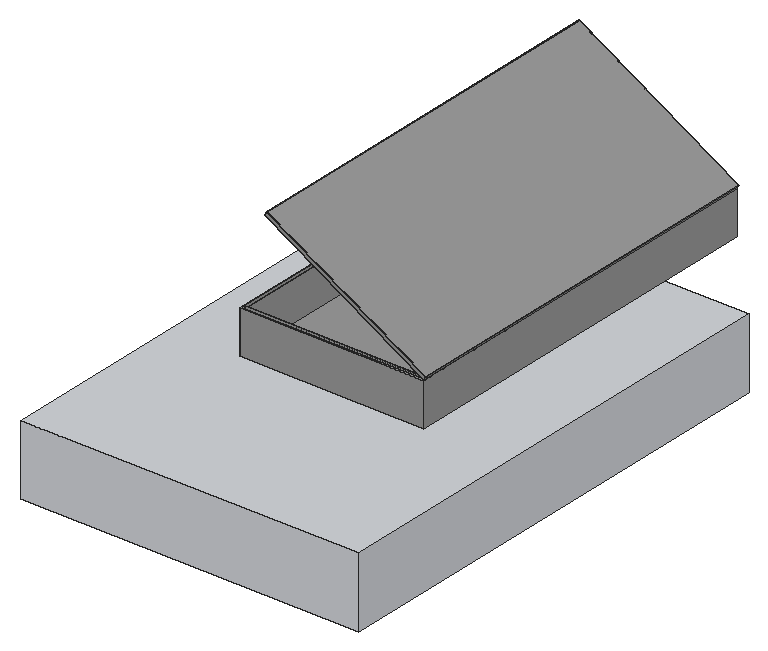
Revit family "Hager-Univers-IP44-D205-H1700-Cl.II-Encl-ES-es", category Equipement électrique, Revit 2020
Family settings
  Hôte = Face
  Configuration du panneau = Deux colonnes, circuits au sein
  Cote de connecteur circulaire = Utiliser le diamètre
  Type d'élément = Tableau de raccordement
  Couper avec des vides une fois chargée = Non
  Partagée = Non
  Point de calcul de pièce = Non
Parameters (values of type "Montado superficial (escayola) IP44 A800 A1700 P205  - FP13SN2")
  Width Control [instance] = if([EF000008 - Anchura] > Min Width, [EF000008 - Anchura], Min Width)  # 800 mm
  Commentaires du type = [HG000003 - Gama]  # "Univers"
  Thickness Door [instance] = if([EF009171 - Espesor puerta/tapa] > 3 mm, 3 mm, [EF009171 - Espesor puerta/tapa])  # 1 mm
  Seal Frame Offset [instance] = 17 mm  # constant formula
  Plinth Visibility [instance] = [HG000027 - Altura de zócalo] > 0 mm  # no
  Model = ""
  Min Width [instance] = 100 mm  # constant formula
  Min Height [instance] = 100 mm  # constant formula
  Min Depth [instance] = (2 * [EF009170 - Espesor del material de la caja]) + 1 mm  # 3 mm
  Internal Frame Depth [instance] = (Door System Depth * 0.5)  # 9 mm
  Height Control [instance] = if([EF000040 - Altura] > Min Height, [EF000040 - Altura], Min Height)  # 1700 mm
  HG000027 - Altura de zócalo = 0 mm
  HG000026 - Instalación en suelo = no
  HG000024 - Altura de la sección inferior = 800 mm
  HG000023 - Caja de doble sección = no
  HG000016 - Visibilidad de la puerta 3D [instance] = yes
  HG000015 - Visibilidad a través de la puerta [instance] = no
  HG000014 - Puerta a la derecha [instance] = yes
  HG000013 - Puerta a la izquierda [instance] = not([HG000014 - Puerta a la derecha])  # no
  HG000012 - Ángulo de giro de la puerta [instance] = 30.00°
  HG000010 - Puertas asimétricas = no
  HG000009 - Puerta batiente doble = no
  HG000006 - Empotrado = no
  HG000004 - Referencia del fabricante = "FP13SN2"
  HG000003 - Gama = "Univers"
  HG000002 - Con puerta o tapa = yes
  Frame Offset Bottom [instance] = 10 mm  # constant formula
  Frame Offset [instance] = 15 mm  # constant formula
  EF015940 - Tapa con alivio de sobrepresión = no
  EF011959 - Grado de protección (NEMA) = ""
  EF009554 - Número de aberturas para placas-brida = 6
  Fabricant = "Hager"  # constant formula
  EF009212 - Versión de la cubierta = "EV000116 - Cerrado"
  EF009171 - Espesor puerta/tapa = 1 mm
  EF009170 - Espesor del material de la caja = 1 mm
  EF008873 - Corriente nominal (In) = 400 A
  EF007800 - Adecuado para la protección contra rayos = no
  EF006306 - Con cierre = no
  EF006244 - Tapa/puerta transparente = no
  EF005474 - Grado de protección (IP) = "EV006418 - IP44"
  EF004464 - Tipo de puerta = "EV002646 - Único"
  EF004427 - Número de módulos = 396
  EF004293 - Resistencia al impacto (IK) = "EV006815 - IK09"
  EF003532 - Adecuado para uso en exteriores = no
  EF002950 - Anchura de unidades de división = 36
  EF001613 - Integridad del circuito = "EV000494 - Ninguno"
  EF001596 - Material de la carcasa = "EV000179 - Acero"
  EF001131 - Profundidad interna = 143 mm
  EF001088 - Posibilidad de extensión = yes
  EF000437 - Número de entradas de conductos de cables = 6
  EF000339 - Tipo de cubierta = "EV001012 - Cubrir"
  EF000266 - Número de filas = 11
  EF000218 - Profundidad de instalación = 205 mm
  EF000118 - Con placa de montaje = no
  EF000116 - Número RAL = "9010"
  EF000049 - Profundidad = 205 mm
  EF000040 - Altura = 1700 mm
  EF000008 - Anchura = 800 mm
  EF000007 - Color = "EV000202 - Blanco"
  EF000003 - Tipo de montaje = "EV000384 - Montado superficial (escayola)"
  Door System Leaf Tolerance [instance] = 1.5 mm  # constant formula
  Door System Depth [instance] = 18 mm  # constant formula
  Door Height [instance] = Height Control - [HG000027 - Altura de zócalo]  # 1700 mm
  Depth Control [instance] = if([EF000049 - Profundidad] > Min Depth, [EF000049 - Profundidad], Min Depth)  # 205 mm
  Default Elevation = 0 mm
  Connector Offset [instance] = Height Control / 2  # 850 mm
  Bottom Top Plate Trim [instance] = 1.5 mm  # constant formula
  Plinth height Ctrl [instance] = if([HG000027 - Altura de zócalo] > 0 mm, [HG000027 - Altura de zócalo], 12 mm)  # 12 mm
Types (5, lengths in mm): name | Width Control | HG000010 - Puertas asimétricas | HG000009 - Puerta batiente doble | HG000004 - Referencia del fabricante | EF009554 - Número de aberturas para placas-brida | EF008873 - Corriente nominal (In) | EF004464 - Tipo de puerta | EF004427 - Número de módulos | EF002950 - Anchura de unidades de división | EF000437 - Número de entradas de conductos de cables | EF000008 - Anchura
  Montado superficial (escayola) IP44 A1050 A1700 P205  - FP14SN2 | 1050 | no | yes | "FP14SN2" | 8 | 400 A | "EV003602 - Doble" | 528 | 48 | 8 | 1050
  Montado superficial (escayola) IP44 A1300 A1700 P205  - FP15SN2 | 1300 | yes | yes | "FP15SN2" | 10 | 400 A | "EV003602 - Doble" | 660 | 60 | 10 | 1300
  Montado superficial (escayola) IP44 A300 A1700 P205  - FP11SN2 | 300 | no | no | "FP11SN2" | 2 | 250 A | "EV002646 - Único" | 132 | 12 | 2 | 300
  Montado superficial (escayola) IP44 A550 A1700 P205  - FP12SN2 | 550 | no | no | "FP12SN2" | 4 | 250 A | "EV002646 - Único" | 264 | 24 | 4 | 550
  Montado superficial (escayola) IP44 A800 A1700 P205  - FP13SN2 | 800 | no | no | "FP13SN2" | 6 | 400 A | "EV002646 - Único" | 396 | 36 | 6 | 800
Reference planes
  plane 1 "Center (Front/Back)": y = 0
  plane 2: z = 0
  plane 3 "Center (Left/Right)": x = 0
  plane 4: z = 205
  plane 5: y = 1
  plane 6: y = 850
  plane 7: y = 0
  plane 8: y = 1700
  plane 9: z = 0
  plane 10: x = -385
  plane 11: x = 385
  plane 12: x = 384
  plane 13: x = -384
  plane 14: y = 1699
  plane 15: x = -383
  plane 16: x = -400
  plane 17: x = 383
  plane 18: x = 400
  plane 19: x = 399
  plane 20: x = -399
  plane 21: y = 11
  plane 22: y = 1700
  plane 23: y = 1684
  plane 24: z = 187
  plane 25: z = 1
  plane 26: z = 186
  plane 27: z = 204
Forms (mm)
  Extrusion 1, solid
    sketch origin (0, 0, 0) x (1, 0, 0) y (0, 1, 0)
      loop
        line (-702.964, 1305) -> (-702.964, -811.445) -> (766.763, -811.445) -> (766.763, 1305) -> (-702.964, 1305)
    from 0 to -304.8
  Extrusion 2, solid, material "Hager_Steel_RAL7035_Light_Grey", visible <- "Plinth Visibility", detail levels medium+fine
    sketch origin (0, 0, 0) x (1, 0, 0) y (0, 1, 0)
      loop
        line (-400, 0) -> (400, 0) -> (400, 12) -> (-400, 12) -> (-400, 0)
    from 0 to 187
  Extrusion 3, solid, material "Hager_Steel_RAL7035_Light_Grey", detail levels medium+fine
    sketch origin (0, 0, 0) x (1, 0, 0) y (0, 1, 0)
      loop
        line (-400, 0) -> (400, 0) -> (400, 1700) -> (-400, 1700) -> (-400, 0)
    from 0 to 187
  Extrusion 4, void
    sketch origin (0, 0, 0) x (1, 0, 0) y (0, 1, 0)
      loop
        line (-399, 1) -> (399, 1) -> (399, 1699) -> (-399, 1699) -> (-399, 1)
    from 1 to 186
  Extrusion 5, void
    sketch origin (-381.607, -4572, 187) x (0, -1, 0) y (-1, 0, 0)
      loop
        line (-4583, 2.393) -> (-6256, 2.393) -> (-6256, -765.607) -> (-4583, -765.607) -> (-4583, 2.393)
    from 0 to 1 <- "EF009170 - Espesor del material de la caja"
  Extrusion 6, solid, material "Hager_Steel_RAL7035_Light_Grey", detail levels fine
    sketch origin (0, 0, 187) x (1, 0, 0) y (0, 1, 0)
      loop
        line (-384, 1684) -> (-384, 11) -> (384, 11) -> (384, 1684) -> (-384, 1684)
      loop
        line (-385, 10) -> (385, 10) -> (385, 1685) -> (-385, 1685) -> (-385, 10)
    from 0 to 9 <- "Internal Frame Depth"
  Extrusion 7, solid, material "Hager_Steel_RAL7035_Light_Grey", detail levels coarse
    sketch origin (0, 0, 0) x (1, 0, 0) y (0, 1, 0)
      loop
        line (-400, 0) -> (400, 0) -> (400, 1700) -> (-400, 1700) -> (-400, 0)
    from 0 to 205
  Sweep 8, void
    path in 3D
      loop
        line (-400, 12, 0) -> (400, 12, 0) -> (400, 12, 187) -> (-400, 12, 187) -> (-400, 12, 0)
    profile origin (-400, 12, 93.5) x (-1, 0, 0) y (0, -1, 0)
      loop
        line (0, 0) -> (0, 1.5) -> (-1.5, 1.5)
        arc (-1.5, 1.5) -> (-1.061, 0.439) -> (0, 0) r 1.5
Cuts and joins
  Extrusion 4, Extrusion 5 cuts Extrusion 3
  Sweep 8 cuts Extrusion 2
Lines and regions (mm)
  Masking region 1
    outline origin (0, 0, 0) x (1, 0, 0) y (0, 0, 1)
      loop
        line (-400, 205) -> (-400, 0) -> (400, 0) -> (400, 205) -> (-400, 205)
  Masking region 2, detail levels medium+fine
    outline origin (0, 140, 0) x (0, 1, 0) y (0, 0, 1)
      loop
        line (-140, 0) -> (1560, 0) -> (1560, 187) -> (-140, 187) -> (-140, 0)
  Masking region 3, not visible, detail levels medium+fine
    outline origin (0, 297.922, 0) x (0, 1, 0) y (0, 0, 1)
      loop
        line (563.578, 0) -> (603.578, 0) -> (603.578, 194)
        arc (603.578, 194) -> (600.649, 201.071) -> (593.578, 204) r 10
        line (593.578, 204) -> (563.578, 204) -> (563.578, 0)
  Masking region 4, detail levels coarse
    outline origin (0, 0, 180) x (0, 1, 0) y (0, 0, 1)
      loop
        line (0, -180) -> (1700, -180) -> (1700, 25) -> (0, 25) -> (0, -180)
  Masking region 5, visible <- "Plinth Visibility", detail levels medium+fine
    outline origin (0, 52.24, 12.345) x (0, 0, -1) y (0, 1, 0)
      loop
        line (10.845, -40.24) -> (-173.155, -40.24)
        arc (-173.155, -40.24) -> (-173.594, -41.301) -> (-174.655, -41.74) r 1.5
        line (-174.655, -41.74) -> (-174.655, -52.24) -> (12.345, -52.24) -> (12.345, -41.74)
        arc (12.345, -41.74) -> (11.285, -41.301) -> (10.845, -40.24) r 1.5
  Masking region 6, detail levels medium+fine
    outline origin (-381.607, -4572, 187) x (-1, 0, 0) y (0, -1, 0)
      loop
        line (18.393, -6272) -> (18.393, -4572) -> (-781.607, -4572) -> (-781.607, -6272) -> (18.393, -6272)
  Masking region 7, visible <- "Plinth Visibility", detail levels medium+fine
    outline origin (-381.607, -4727, 187) x (-1, 0, 0) y (0, -1, 0)
      loop
        arc (16.893, -4739) -> (17.332, -4737.939) -> (18.393, -4737.5) r 1.5
        line (18.393, -4737.5) -> (18.393, -4727) -> (-781.607, -4727) -> (-781.607, -4737.5)
        arc (-781.607, -4737.5) -> (-780.546, -4737.939) -> (-780.107, -4739) r 1.5
        line (-780.107, -4739) -> (16.893, -4739)
  Masking region 8, detail levels coarse
    outline origin (-442.548, -4669.526, 187) x (-1, 0, 0) y (0, -1, 0)
      loop
        line (-42.548, -6369.526) -> (-42.548, -4669.526) -> (-842.548, -4669.526) -> (-842.548, -6369.526) -> (-42.548, -6369.526)
  sketch lines
    curve 1: line (-400, 12, 187) -> (-400, 12, 0)
    curve 2: line (400, 12, 187) -> (-400, 12, 187)
    curve 3: line (400, 12, 187) -> (400, 12, 0)
    curve 4: line (-400, 12, 0) -> (400, 12, 0)
Dimensions and locks
  "Depth Control": plane 4 to Extrusion 1
  "HG000027 - Altura de zócalo": plane 1 "Center (Front/Back)" to plane 7
  "EF009170 - Espesor del material de la caja": plane 5 to plane 7
  locked: connector elem to plane 3 "Center (Left/Right)"
  equal spacing: plane 8, plane 6, plane 7
  locked: connector elem to plane 6
  "EF009170 - Espesor del material de la caja": plane 8 to plane 14
  "EF009170 - Espesor del material de la caja": plane 10 to plane 13
  "EF009170 - Espesor del material de la caja": plane 12 to plane 11
  "Frame Offset": plane 20 to plane 13
  "Frame Offset": plane 12 to plane 19
  "EF009170 - Espesor del material de la caja": plane 16 to plane 20
  "EF009170 - Espesor del material de la caja": plane 19 to plane 18
  "Seal Frame Offset": plane 16 to plane 15
  "Seal Frame Offset": plane 17 to plane 18
  "Frame Offset Bottom": plane 21 to plane 5
  "Frame Offset": plane 14 to plane 23
  equal spacing: plane 16, plane 3 "Center (Left/Right)", plane 18
  "Width Control": plane 16 to plane 18
  "EF009170 - Espesor del material de la caja": plane 4 to plane 27
  "EF009170 - Espesor del material de la caja": plane 24 to plane 26
  "EF009170 - Espesor del material de la caja": plane 25 to level
  "Door System Depth": plane 4 to plane 24
  "Height Control": plane 1 "Center (Front/Back)" to Extrusion 7 sketch curve
  "Height Control": Masking region 4 sketch curve to plane 1 "Center (Front/Back)"
  "Height Control": plane 1 "Center (Front/Back)" to plane 22
  "Bottom Top Plate Trim": profile plane to Sweep 8 sketch curve
  "Bottom Top Plate Trim": Sweep 8 sketch curve to profile plane
  "Plinth height Ctrl": plane 1 "Center (Front/Back)" to Extrusion 2 sketch curve
  "Plinth height Ctrl": Masking region 5 sketch curve to plane 1 "Center (Front/Back)"
  "Plinth height Ctrl": plane 1 "Center (Front/Back)" to Masking region 7 sketch curve
  "Thickness Door": Extrusion 6 sketch curve to Extrusion 6 sketch curve  (x3)
  "Thickness Door": cut or joined group of Extrusion 3, Extrusion 4, Extrusion 5 to Extrusion 6 sketch curve
  radius of Masking region 3 sketch curve = 10 mm
  "Bottom Top Plate Trim": radius of Masking region 5 sketch curve  (x2)
  "Bottom Top Plate Trim": radius of Sweep 8 sketch curve
  "Bottom Top Plate Trim": radius of Masking region 7 sketch curve  (x2)
  aligned and locked: plane 2 to Extrusion 1
  aligned and locked: level to Extrusion 1
  aligned and locked: level to Masking region 1 sketch curve
  aligned and locked: Masking region 1 sketch curve to plane 18
  aligned and locked: Masking region 1 sketch curve to plane 16
  aligned and locked: plane 7 to Masking region 2 sketch curve
  aligned and locked: level to Masking region 3 sketch curve
  aligned and locked: Masking region 3 sketch curve to plane 27
  aligned and locked: level to Masking region 2 sketch curve
  aligned and locked: plane 1 "Center (Front/Back)" to Extrusion 2 sketch curve
  aligned and locked: Extrusion 3 sketch curve to plane 7
  aligned and locked: plane 16 to Extrusion 3 sketch curve
  aligned and locked: plane 18 to Extrusion 3 sketch curve
  aligned and locked: plane 20 to Extrusion 4 sketch curve
  aligned and locked: plane 19 to Extrusion 4 sketch curve
  aligned and locked: Extrusion 4 sketch curve to plane 5
  aligned and locked: Extrusion 4 to plane 25
  aligned and locked: plane 26 to Extrusion 4
  aligned and locked: plane 24 to Extrusion 3
  aligned and locked: Extrusion 5 sketch curve to plane 21
  aligned and locked: Extrusion 5 sketch curve to plane 13
  aligned and locked: Extrusion 5 sketch curve to plane 12
  aligned and locked: plane 18 to Extrusion 7 sketch curve
  aligned and locked: plane 1 "Center (Front/Back)" to Extrusion 7 sketch curve
  aligned and locked: plane 16 to Extrusion 7 sketch curve
  aligned and locked: plane 4 to Extrusion 7
  aligned and locked: Extrusion 7 to level
  aligned and locked: level to Masking region 4 sketch curve
  aligned and locked: Masking region 4 sketch curve to plane 1 "Center (Front/Back)"
  aligned and locked: Masking region 4 sketch curve to plane 4
  aligned and locked: nested 1 to level
  aligned and locked: nested 1 to plane 16
  aligned and locked: plane 8 to Extrusion 3 sketch curve
  aligned and locked: plane 23 to Extrusion 5 sketch curve
  aligned and locked: plane 14 to Extrusion 4 sketch curve
  aligned and locked: Masking region 2 sketch curve to plane 8
  aligned and locked: level to Masking region 5 sketch curve
  aligned and locked: plane 16 to Extrusion 2 sketch curve
  aligned and locked: plane 18 to Extrusion 2 sketch curve
  aligned and locked: Masking region 5 sketch curve to plane 24
  aligned and locked: Masking region 2 sketch curve to plane 24
  aligned and locked: plane 24 to Extrusion 2
  aligned and locked: profile plane to Sweep 8 sketch curve  (x2)
  aligned and locked: Masking region 6 sketch curve to plane 18
  aligned and locked: Masking region 6 sketch curve to plane 22
  aligned and locked: Masking region 6 sketch curve to plane 16
  aligned and locked: plane 8 to plane 22
  aligned and locked: Masking region 6 sketch curve to plane 7
  aligned and locked: Masking region 7 sketch curve to plane 16
  aligned and locked: Masking region 7 sketch curve to plane 1 "Center (Front/Back)"
  aligned and locked: Masking region 7 sketch curve to plane 18
  aligned and locked: Masking region 8 sketch curve to plane 1 "Center (Front/Back)"
  aligned and locked: Masking region 8 sketch curve to plane 18
  aligned and locked: Masking region 8 sketch curve to plane 22
  aligned and locked: Masking region 8 sketch curve to plane 16
  aligned and locked: nested 2 to plane 7
  aligned and locked: plane 3 "Center (Left/Right)" to nested 2
  aligned and locked: nested 2 to plane 24
  aligned and locked: Extrusion 6 sketch curve to cut or joined group of Extrusion 3, Extrusion 4, Extrusion 5  (x4)
Automatic sketch dimensions
  Extrusion 1 sketch curve to Extrusion 1 sketch curve = 1469.727 mm
  Extrusion 1 sketch curve to Extrusion 1 sketch curve = 2116.445 mm
  Masking region 1 sketch curve to plane 4 = 0 mm
  plane 6 to Masking region 3 sketch curve = 11.5 mm
  Masking region 3 sketch curve to Masking region 3 sketch curve = 30 mm
  Masking region 5 sketch curve to plane 1 "Center (Front/Back)" = 0 mm
Nested families
  nested 1: "Hager_Enclosure_Symbol" at (-400, 0, 0) x (1, 0, 0) z (0, -1, 0), Height <- "Depth Control", Width <- "Width Control", type "Hager_Enclosure_Symbol"
    with Width_Ctrl 800 mm, Width 800 mm, Height_Ctrl 205 mm, Height 205 mm, A_Width_Int 13.453 mm, A_Width 161.438 mm, A_Height_Ctrl 179.375 mm, A_Height 179.375 mm
  nested 2: "EC000058_Univers_Door" at (0, 0, 187) x (1, 0, 0) z (0, 1, 0), Leaf_Tolerance <- "Door System Leaf Tolerance", Angle <- "HG000012 - Ángulo de giro de la puerta", Door_Depth <- "Door System Depth", Door_Left <- "HG000013 - Puerta a la izquierda", Transparent <- "EF006244 - Tapa/puerta transparente", Assymetrical <- "HG000010 - Puertas asimétricas", Width <- "Width Control", Clearance <- "HG000015 - Visibilidad a través de la puerta", Double <- "HG000009 - Puerta batiente doble", 3d_Door <- "HG000016 - Visibilidad de la puerta 3D", Lock_Visibility <- "EF006306 - Con cierre", Width_Ctrl <- "Width Control", Door_Right <- "HG000014 - Puerta a la derecha", Door <- "HG000002 - Con puerta o tapa", Height <- "Door Height", Thickness <- "Thickness Door", type "EC000058_Univers_Door", detail levels medium+fine
    with min_wh 3 mm, Width_Ctrl 800 mm, Width 800 mm, Transparent no, Thickness 1 mm, Seal_Material Hager_Rubber, Lock_Visibility no, Lock_Material Hager_Plastic_RAL9005_Jet_Black, Leaf_Width 800 mm, Leaf_Tolerance_External_Sides 0 mm, Leaf_Tolerance 1.5 mm, Leaf_Offset 0 mm, Leaf_Height 1697 mm, Leaf_2_Width 800 mm, Leaf_2_Offset 400 mm, Leaf_1_Width 800 mm, Leaf_1_Offset 400 mm, Height_Ctrl 1700 mm, Height 1700 mm, Glass_Material Hager_Glass, Double_Clearance_Ctrl no, Double no, Door_Right_Ctrl yes, Door_Right yes, Door_Material Hager_Steel_RAL7035_Light_Grey, Door_Left_Ctrl no, Door_Left no, Door_Depth 18 mm, Door yes, Clearance_Material Hager_Clearance, Clearance_Depth 800 mm, Clearance_Ctrl no, Clearance no, Assymetrical no, Angle 30.00°, 3d_Door yes
Connectors
  electrical at (0, 850, 0)
    settings: on plane 9, index 1, voltage 0 V, apparent load 0 VA, apparent load phase1 0 VA, apparent load phase2 0 VA, apparent load phase3 0 VA, power factor 1, load classification "Other", number of poles 1, system type 30, power factor state 1, is connector primary yes, connector utility no, sub classification motor no, connector description ""
Definition of nested family "EC000058_Univers_Door"
  Parameters (values of type "EC000058_Univers_Door")
    min_wh [instance] = (2 * Thickness) + 1 mm  # 11 mm
    Width_Ctrl [instance] = 400 mm
    Width [instance] = 500 mm
    Transparent [instance] = yes
    Thickness [instance] = 5 mm
    Seal_Material [instance] = none
    Lock_Visibility [instance] = yes
    Lock_Material [instance] = none
    Leaf_Width [instance] = if((Width_Ctrl - 2 * Leaf_Tolerance_External_Sides) > 0 mm, (Width_Ctrl - 2 * Leaf_Tolerance_External_Sides), min_wh)  # 400 mm
    Leaf_Tolerance_External_Sides [instance] = 0 mm  # constant formula
    Leaf_Tolerance [instance] = 1.5 mm
    Leaf_Offset [instance] = 0 mm  # constant formula
    Leaf_Height [instance] = if((Height_Ctrl - 2 * Leaf_Tolerance) > 0 mm, (Height_Ctrl - 2 * Leaf_Tolerance), min_wh)  # 497 mm
    Leaf_2_Width [instance] = if(and(and(Double, Assymetrical), Door_Left), (Leaf_Width / 3) - (Leaf_Tolerance / 2), if(and(and(Double, Assymetrical), Door_Right), (Leaf_Width / 3) * 2 - (Leaf_Tolerance / 2), if(and(Double, not(Assymetrical)), (Leaf_Width / 2) - Leaf_Tolerance, Leaf_Width)))  # 400 mm
    Leaf_2_Offset [instance] = if(and(Double, Assymetrical), Leaf_2_Width / 2, if(and(Double, not(Assymetrical)), Leaf_Width / 4, Leaf_Width / 2))  # 200 mm
    Leaf_1_Width [instance] = if(and(and(Double, Assymetrical), Door_Right), (Leaf_Width / 3) - (Leaf_Tolerance / 2), if(and(and(Double, Assymetrical), Door_Left), (Width / 3) * 2 - (Leaf_Tolerance / 2), if(and(Double, not(Assymetrical)), (Leaf_Width / 2) - Leaf_Tolerance, Leaf_Width)))  # 400 mm
    Leaf_1_Offset [instance] = if(and(Double, Assymetrical), Leaf_1_Width / 2, if(and(Double, not(Assymetrical)), Leaf_Width / 4, Leaf_Width / 2))  # 200 mm
    Height_Ctrl [instance] = if(Height > min_wh, Height, min_wh)  # 500 mm
    Height [instance] = 500 mm
    Glass_Material [instance] = none
    Double_Clearance_Ctrl [instance] = and(Double, Clearance)  # no
    Double [instance] = no
    Door_Right_Ctrl [instance] = and(or(Door_Right, Double), Door)  # yes
    Door_Right [instance] = yes
    Door_Material [instance] = none
    Door_Left_Ctrl [instance] = and(or(Door_Left, Double), Door)  # no
    Door_Left [instance] = no
    Door_Depth [instance] = 30 mm
    Door [instance] = yes
    Default Elevation = 1219.2 mm
    Clearance_Material [instance] = none
    Clearance_Depth [instance] = if(Leaf_1_Width > Leaf_2_Width, Leaf_1_Width, Leaf_2_Width)  # 400 mm
    Clearance_Ctrl [instance] = and(not(Double), Clearance)  # yes
    Clearance [instance] = yes
    Assymetrical [instance] = yes
    Angle [instance] = 30.00°
    3d_Door [instance] = yes
  Reference planes
    plane 1 "Center (Front/Back)": y = 0
    plane 2 "Bottom": z = 0
    plane 3 "Center (Left/Right)": x = 0
    plane 4: z = 500
    plane 5: x = -200
    plane 6: x = 200
    plane 7: z = 500
    plane 8: x = -200
    plane 9: z = 0
    plane 10: x = 200
    plane 11: y = 0
    plane 12: z = 1.5
    plane 13: x = -600
    plane 14: y = -400
    plane 15: x = 600
    plane 16: x = 0
    plane 17: x = 0
    plane 18: x = -200
    plane 19: x = 200
    plane 20: z = 498.5
  Forms (mm)
    Extrusion 1, solid, material <- "Clearance_Material", visible <- "Double_Clearance_Ctrl"
      sketch origin (1200, 0, 0) x (1, 0, 0) y (0, 0, -1)
        loop
          line (-1800, -498.5) -> (-600, -498.5) -> (-600, 0) -> (-1800, 0) -> (-1800, -498.5)
      from 0 to -400
  Dimensions and locks
    equal spacing: plane 5, plane 3 "Center (Left/Right)", plane 6
    "Width_Ctrl": plane 5 to plane 6
    "Leaf_Offset": plane 5 to plane 8
    "Leaf_Offset": plane 6 to plane 10
    "Leaf_Offset": plane 9 to level
    "Leaf_Offset": plane 4 to plane 7
    "Height_Ctrl": plane 4 to level
    "Leaf_Tolerance": plane 12 to plane 9
    locked: plane 11 to plane 1 "Center (Front/Back)"
    "Leaf_1_Offset": plane 18 to plane 16
    "Leaf_2_Offset": plane 17 to plane 19
    "Leaf_1_Width": plane 13 to plane 8
    "Leaf_2_Width": plane 10 to plane 15
    "Clearance_Depth": plane 14 to plane 1 "Center (Front/Back)"
    "Leaf_Tolerance_External_Sides": plane 8 to plane 18
    "Leaf_Tolerance_External_Sides": plane 19 to plane 10
    "Leaf_Tolerance": plane 7 to plane 20
    aligned and locked: level to plane 2 "Bottom"
    aligned and locked: nested 1 to plane 16
    aligned and locked: nested 2 to plane 17
    aligned and locked: Extrusion 1 to plane 13
    aligned and locked: plane 15 to Extrusion 1
    aligned and locked: Extrusion 1 to plane 14
    aligned and locked: plane 12 to nested 1
    aligned and locked: nested 2 to plane 12
    aligned and locked: Extrusion 1 to plane 11
    aligned and locked: plane 20 to Extrusion 1
    aligned and locked: nested 2 to plane 11
    aligned and locked: nested 1 to plane 11
  Automatic sketch dimensions
    Extrusion 1 sketch curve to level = 0 mm
    plane 5 to Extrusion 1 sketch curve = 400 mm
    plane 6 to Extrusion 1 sketch curve = 400 mm
    Extrusion 1 sketch curve to plane 4 = 1.5 mm
  Nested families
    nested 1: "EC000058_Univers_Door_Leaf" at (0, 0, 1.5), Width <- "Leaf_1_Width", visible <- "Door_Left_Ctrl", Leaf_Height <- "Leaf_Height", Angle <- "Angle", 3d_Door <- "3d_Door", Transparent <- "Transparent", Clearance Material <- "Clearance_Material", Clearance <- "Clearance_Ctrl", Door_Material <- "Door_Material", Glass_Material <- "Glass_Material", Door_Depth <- "Door_Depth", Lock_Material <- "Lock_Material", Seal_Material <- "Seal_Material", Lock_Visibility <- "Lock_Visibility", Thickness <- "Thickness", type "EC000058_Univers_Door_Leaf"
      with Width 400 mm, Transparent_Glass_Offset 30 mm, Transparent_Ctrl yes, Transparent yes, Thickness 5 mm, Standard no, Seal_Material none, Seal_D2 8 mm, Seal_D1 1 mm, Offset_Internal_Frame 10 mm, Lock_Width 20 mm, Lock_Visibility_3d yes, Lock_Visibility yes, Lock_Thickness_3 3 mm, Lock_Thickness_2 1 mm, Lock_Thickness_1 3 mm, Lock_Radius_Offset_2 16 mm, Lock_Radius_Offset_1 15 mm, Lock_Radius_2 5 mm, Lock_Radius 6 mm, Lock_Offset 5 mm, Lock_Material none, Lock_Height 80 mm, Lock_Cover_Top_Offset_2d 17 mm, Lock_Cover_Height -65 mm, Leaf_Height 497 mm, Internal_Seal_Thickness 8 mm, Internal_Seal_Depth_2 4.5 mm, Internal_Frame_Depth 25 mm, Glass_Thickness -1 mm, Glass_Offset -2 mm, Glass_Material none, Door_Material none, Door_Depth 30 mm, Clearance Material none, Clearance yes, Angle_Ctrl 30.00°, Angle 30.00°, 3d_Door yes
    nested 2: "EC000058_Univers_Door_Leaf" at (0, 0, 1.5) x (-1, 0, 0) z (0, 0, 1), Width <- "Leaf_2_Width", visible <- "Door_Right_Ctrl", Leaf_Height <- "Leaf_Height", Angle <- "Angle", 3d_Door <- "3d_Door", Transparent <- "Transparent", Clearance Material <- "Clearance_Material", Clearance <- "Clearance_Ctrl", Door_Material <- "Door_Material", Glass_Material <- "Glass_Material", Door_Depth <- "Door_Depth", Lock_Material <- "Lock_Material", Seal_Material <- "Seal_Material", Lock_Visibility <- "Lock_Visibility", Thickness <- "Thickness", type "EC000058_Univers_Door_Leaf"
      with Width 400 mm, Transparent_Glass_Offset 30 mm, Transparent_Ctrl yes, Transparent yes, Thickness 5 mm, Standard no, Seal_Material none, Seal_D2 8 mm, Seal_D1 1 mm, Offset_Internal_Frame 10 mm, Lock_Width 20 mm, Lock_Visibility_3d yes, Lock_Visibility yes, Lock_Thickness_3 3 mm, Lock_Thickness_2 1 mm, Lock_Thickness_1 3 mm, Lock_Radius_Offset_2 16 mm, Lock_Radius_Offset_1 15 mm, Lock_Radius_2 5 mm, Lock_Radius 6 mm, Lock_Offset 5 mm, Lock_Material none, Lock_Height 80 mm, Lock_Cover_Top_Offset_2d 17 mm, Lock_Cover_Height -65 mm, Leaf_Height 497 mm, Internal_Seal_Thickness 8 mm, Internal_Seal_Depth_2 4.5 mm, Internal_Frame_Depth 25 mm, Glass_Thickness -1 mm, Glass_Offset -2 mm, Glass_Material none, Door_Material none, Door_Depth 30 mm, Clearance Material none, Clearance yes, Angle_Ctrl 30.00°, Angle 30.00°, 3d_Door yes
  Definition of nested family "EC000058_Univers_Door_Leaf"
    Parameters (values of type "EC000058_Univers_Door_Leaf")
      Width [instance] = 2000 mm
      Transparent_Glass_Offset [instance] = 30 mm
      Transparent_Ctrl [instance] = and(Transparent, [3d_Door])  # yes
      Transparent [instance] = yes
      Thickness [instance] = 5 mm
      Standard [instance] = and(not(Transparent), [3d_Door])  # no
      Seal_Material [instance] = none
      Seal_D2 [instance] = 8 mm  # constant formula
      Seal_D1 [instance] = 1 mm  # constant formula
      Offset_Internal_Frame [instance] = 10 mm  # constant formula
      Lock_Width [instance] = 20 mm  # constant formula
      Lock_Visibility_3d [instance] = and(Lock_Visibility, [3d_Door])  # yes
      Lock_Visibility [instance] = yes
      Lock_Thickness_3 [instance] = 3 mm  # constant formula
      Lock_Thickness_2 [instance] = 1 mm  # constant formula
      Lock_Thickness_1 [instance] = 3 mm  # constant formula
      Lock_Radius_Offset_2 [instance] = Lock_Radius_Offset_1 + 1 mm  # 16 mm
      Lock_Radius_Offset_1 [instance] = 15 mm  # constant formula
      Lock_Radius_2 [instance] = Lock_Radius - 1 mm  # 5 mm
      Lock_Radius [instance] = 6 mm  # constant formula
      Lock_Offset [instance] = 5 mm  # constant formula
      Lock_Material [instance] = none
      Lock_Height [instance] = 80 mm  # constant formula
      Lock_Cover_Top_Offset_2d [instance] = Lock_Radius_Offset_2 + 1 mm  # 17 mm
      Lock_Cover_Height [instance] = -(Lock_Height - Lock_Radius_Offset_1)  # -65 mm
      Leaf_Height [instance] = 2720.336 mm
      Internal_Seal_Thickness [instance] = 8 mm  # constant formula
      Internal_Seal_Depth_2 [instance] = 4.5 mm  # constant formula
      Internal_Frame_Depth [instance] = if(Door_Depth - Thickness > 5 mm, Door_Depth - Thickness, 5 mm)  # 25 mm
      Glass_Thickness [instance] = if(Thickness > 15 mm, Glass_Offset + 10 mm, -1 mm)  # -1 mm
      Glass_Offset [instance] = if(Thickness > 15 mm, -(Thickness + 10 mm) / 2, -2 mm)  # -2 mm
      Glass_Material [instance] = none
      Door_Material [instance] = none
      Door_Depth [instance] = 30 mm
      Default Elevation = 0 mm
      Clearance Material [instance] = none
      Clearance [instance] = yes
      Angle_Ctrl [instance] = if(Angle > 180.00°, 180.00°, Angle)  # 90.00°
      Angle [instance] = 90.00°
      3d_Door [instance] = yes
    Reference planes
      plane 1 "Center (Front/Back)": y = 0
      plane 2: z = 0
      plane 3 "Center (Left/Right)": x = 0
      plane 4: y = 2000
      plane 5: x = -1000
      plane 6: x = 1000
      plane 7: x = -3000
      plane 8: z = 2720.336
      plane 9: z = 30
      plane 10: z = 2690.336
      plane 11: x = 970
      plane 12: x = -970
      plane 13: y = -3
      plane 14: z = 107.833
      plane 15: y = -5
      plane 16: y = -223.314
      plane 17: x = -1000
      plane 18: z = 1360.168
      plane 19: y = 30
    Forms (mm)
      Extrusion 1, solid, material <- "Clearance Material", visible <- "Clearance"
        sketch origin (0, 0, 0) x (1, 0, 0) y (0, 0, 1)
          loop
            line (-3000, 2720.336) -> (-3000, 0) -> (1000, 0) -> (1000, 2720.336) -> (-3000, 2720.336)
        from 0 to -2000
      Extrusion 2, solid, material <- "Door_Material", visible <- "Standard", detail levels medium+fine
        sketch origin (-1000, 0, 0) x (0, 1, 0) y (-1, 0, 0)
          loop
            line (0, 30) -> (0, 25) -> (2000, 25) -> (2000, 30) -> (0, 30)
        from 0 to 2720.336 <- "Leaf_Height"
      Extrusion 3, solid, material <- "Door_Material", visible <- "Transparent_Ctrl", detail levels medium+fine
        sketch origin (-1000, 0, 0) x (0, 1, 0) y (-1, 0, 0)
          loop
            line (0, 25) -> (2000, 25) -> (2000, 30) -> (0, 30) -> (0, 25)
        from 0 to 2720.336 <- "Leaf_Height"
      Extrusion 4, void
        sketch origin (-1025, 2000, 0) x (0, 1, 0) y (0, 0, -1)
          loop
            line (-30, -2690.336) -> (-30, -30) -> (-1970, -30) -> (-1970, -2690.336) -> (-30, -2690.336)
        from 0 to 5 <- "Thickness"
      Sweep 5, solid, material <- "Seal_Material", visible <- "Transparent_Ctrl", detail levels fine
        path in 3D
          loop
            line (-1025, 30, 30) -> (-1025, 30, 2690.336) -> (-1025, 1970, 2690.336) -> (-1025, 1970, 30) -> (-1025, 30, 30)
        profile origin (-1025, 1000, 30) x (1, 0, 0) y (0, 0, 1)
          loop
            line (0, 0) -> (0, -8) -> (1, -8) -> (1, 0) -> (0, 0)
      Extrusion 6, solid, material <- "Glass_Material", visible <- "Transparent_Ctrl", detail levels medium+fine
        sketch origin (-1030, 0, 0) x (0, 1, 0) y (0, 0, -1)
          loop
            line (1970, -2690.336) -> (1970, -30) -> (30, -30) -> (30, -2690.336) -> (1970, -2690.336)
        from -2 <- "Glass_Offset" to -1 <- "Glass_Thickness"
      Extrusion 7, solid, material <- "Door_Material", visible <- "3d_Door", detail levels medium+fine
        sketch origin (-1025, 2000, 0) x (0, -1, 0) y (0, 0, -1)
          loop
            line (0, -2720.336) -> (2000, -2720.336) -> (2000, 0) -> (0, 0) -> (0, -2720.336)
          loop
            line (1995, -5) -> (5, -5) -> (5, -2715.336) -> (1995, -2715.336) -> (1995, -5)
        from 0 to 25 <- "Internal_Frame_Depth"
      Sweep 8, solid, material <- "Seal_Material", visible <- "Transparent_Ctrl", detail levels fine
        path in 3D
          loop
            line (-1025, 0, 0) -> (-1025, 2000, 0) -> (-1025, 2000, 2720.336) -> (-1025, 0, 2720.336) -> (-1025, 0, 0)
        profile origin (-1025, 0, 1360.168) x (1, 0, 0) y (0, 1, 0)
          loop
            line (0, 10) -> (2.975, 10)
            arc (2.975, 10) -> (4.053, 10.447) -> (4.5, 11.525) r 1.525
            line (4.5, 11.525) -> (4.5, 16.527)
            arc (4.5, 16.527) -> (4.069, 17.569) -> (3.027, 18) r 1.473
            line (3.027, 18) -> (0, 18) -> (0, 10)
      Extrusion 9, solid, material <- "Lock_Material", visible <- "Lock_Visibility_3d", detail levels fine
        sketch origin (-1030, 0, 0) x (0, 1, 0) y (0, 0, -1)
          loop
            arc (1993.5, -1400.168) -> (1994.561, -1399.729) -> (1995, -1398.668) r 1.5
            line (1995, -1398.668) -> (1995, -1320.168) -> (1975, -1320.168) -> (1975, -1398.668)
            arc (1975, -1398.668) -> (1975.439, -1399.729) -> (1976.5, -1400.168) r 1.5
            line (1976.5, -1400.168) -> (1993.5, -1400.168)
        from 3 <- "Lock_Thickness_1" to 0
      Blend 10, solid, material <- "Lock_Material", visible <- "Lock_Visibility_3d", detail levels fine
        base sketch origin (-1033, 0, 0) x (0, 1, 0) y (0, 0, -1)
          loop
            line (1975, -1320.168) -> (1975, -1398.668)
            arc (1975, -1398.668) -> (1975.439, -1399.729) -> (1976.5, -1400.168) r 1.5
            line (1976.5, -1400.168) -> (1993.5, -1400.168)
            arc (1993.5, -1400.168) -> (1994.561, -1399.729) -> (1995, -1398.668) r 1.5
            line (1995, -1398.668) -> (1995, -1320.168) -> (1975, -1320.168)
        top sketch origin (-1033, 0, 0) x (0, 1, 0) y (0, 0, -1)
          loop
            line (1976, -1320.168) -> (1976, -1398.668)
            arc (1976, -1398.668) -> (1976.146, -1399.022) -> (1976.5, -1399.168) r 0.5
            line (1976.5, -1399.168) -> (1993.5, -1399.168)
            arc (1993.5, -1399.168) -> (1993.854, -1399.022) -> (1994, -1398.668) r 0.5
            line (1994, -1398.668) -> (1994, -1320.168) -> (1976, -1320.168)
        from 0 to 1 <- "Lock_Thickness_2"
      Blend 11, solid, material <- "Lock_Material", visible <- "Lock_Visibility_3d", detail levels fine
        base sketch origin (-1034, 0, 0) x (0, 1, 0) y (0, 0, -1)
          loop
            line (1978, -1320.168) -> (1978, -1384.168)
            arc (1978, -1384.168) -> (1985, -1391.168) -> (1992, -1384.168) r 7
            line (1992, -1384.168) -> (1992, -1320.168) -> (1978, -1320.168)
        top sketch origin (-1034, 0, 0) x (0, 1, 0) y (0, 0, -1)
          loop
            line (1991, -1320.168) -> (1979, -1320.168) -> (1979, -1383.168)
            arc (1979, -1383.168) -> (1985, -1389.168) -> (1991, -1383.168) r 6
            line (1991, -1383.168) -> (1991, -1320.168)
        from 0 to 3 <- "Lock_Thickness_3"
      Extrusion 12, solid, material <- "Lock_Material", visible <- "Lock_Visibility_3d", detail levels fine
        sketch origin (-1030, 1975, 1320.168) x (1, 0, 0) y (0, -1, 0)
          loop
            line (-7, -19) -> (-7, -1) -> (0, -1) -> (0, 0) -> (-8, 0) -> (-8, -20) -> (0, -20) -> (0, -19) -> (-7, -19)
        from 0 to -65 <- "Lock_Cover_Height"
      Extrusion 13, void
        sketch origin (-1038, 1995, 1320.168) x (-1, 0, 0) y (0, 0, -1)
          loop
            line (-5, -65) -> (0, -65) -> (-5, -60) -> (-5, -65)
        from 0 to 20 <- "Lock_Width"
      Extrusion 14, void
        sketch origin (-1038, 1975, 1320.168) x (0, -1, 0) y (0, 0, -1)
          loop
            circle (-10, -15.995) r 6
          loop
            circle (-10, -15.995) r 5
        from 0 to 2
      Extrusion 15, solid, material <- "Lock_Material", visible <- "Lock_Visibility_3d", detail levels medium
        sketch origin (-1030, 0, 0) x (0, 1, 0) y (0, 0, -1)
          loop
            arc (1993.5, -1400.168) -> (1994.561, -1399.729) -> (1995, -1398.668) r 1.5
            line (1995, -1398.668) -> (1995, -1320.168) -> (1975, -1320.168) -> (1975, -1398.668)
            arc (1975, -1398.668) -> (1975.439, -1399.729) -> (1976.5, -1400.168) r 1.5
            line (1976.5, -1400.168) -> (1993.5, -1400.168)
        from 8 to 0
    Cuts and joins
      Extrusion 4 cuts Extrusion 3
      Extrusion 13, Extrusion 14 cuts Extrusion 9
      Extrusion 14 cuts Blend 11
      Extrusion 13, Extrusion 14 cuts Extrusion 12
      joined: Extrusion 9, Blend 10, Blend 11, Extrusion 12
      Extrusion 14 cuts Extrusion 15
    Lines and regions (mm)
      Masking region 1, visible <- "Lock_Visibility", detail levels fine
        outline origin (0, 0, 0) x (0, 1, 0) y (0, 0, 1)
          loop
            line (30, 1320.168) -> (33, 1320.168) -> (33, 1400.168) -> (30, 1400.168) -> (30, 1320.168)
      Masking region 2, visible <- "Lock_Visibility", detail levels fine
        outline origin (0, 3.143, 0) x (0, 1, 0) y (0, 0, 1)
          loop
            line (29.857, 1354.168) -> (30.857, 1354.168) -> (30.857, 1366.168) -> (29.857, 1366.168) -> (29.857, 1354.168)
      Masking region 3, detail levels medium+fine
        outline origin (0, 0, 0) x (0, 1, 0) y (0, 0, 1)
          loop
            line (0, 0) -> (30, 0) -> (30, 2720.336) -> (0, 2720.336) -> (0, 0)
      Masking region 4, detail levels medium+fine
        outline origin (0, 0, 0) x (1, 0, 0) y (0, 0, 1)
          loop
            line (-1000, 2720.336) -> (-1000, 0) -> (1000, 0) -> (1000, 2720.336) -> (-1000, 2720.336)
      Masking region 5, visible <- "Lock_Visibility", detail levels fine
        outline origin (-47.116, 0, 0) x (1, 0, 0) y (0, 0, 1)
          loop
            arc (1024.616, 1399.168) -> (1023.556, 1398.729) -> (1023.116, 1397.668) r 1.5
            line (1023.116, 1397.668) -> (1023.116, 1320.168) -> (1041.116, 1320.168) -> (1041.116, 1397.668)
            arc (1041.116, 1397.668) -> (1040.677, 1398.729) -> (1039.616, 1399.168) r 1.5
            line (1039.616, 1399.168) -> (1024.616, 1399.168)
      Masking region 6, visible <- "Lock_Visibility", detail levels medium+fine
        outline origin (-25, 0, 0) x (1, 0, 0) y (0, 0, 1)
          loop
            arc (1001.5, 1400.168) -> (1000.439, 1399.729) -> (1000, 1398.668) r 1.5
            line (1000, 1398.668) -> (1000, 1320.168) -> (1020, 1320.168) -> (1020, 1398.668)
            arc (1020, 1398.668) -> (1019.561, 1399.729) -> (1018.5, 1400.168) r 1.5
            line (1018.5, 1400.168) -> (1001.5, 1400.168)
      Masking region 7, visible <- "Lock_Visibility", detail levels fine
        outline origin (-73.735, 0, 0) x (1, 0, 0) y (0, 0, 1)
          loop
            line (1051.735, 1382.168) -> (1065.735, 1382.168) -> (1065.735, 1384.168)
            arc (1065.735, 1384.168) -> (1058.735, 1391.168) -> (1051.735, 1384.168) r 7
            line (1051.735, 1384.168) -> (1051.735, 1382.168)
      Masking region 8, visible <- "Lock_Visibility", detail levels fine
        outline origin (-73.735, 0, 0) x (1, 0, 0) y (0, 0, 1)
          loop
            line (1052.735, 1382.168) -> (1064.735, 1382.168) -> (1064.735, 1383.168)
            arc (1064.735, 1383.168) -> (1058.735, 1389.168) -> (1052.735, 1383.168) r 6
            line (1052.735, 1383.168) -> (1052.735, 1382.168)
      Masking region 9, visible <- "Lock_Visibility", detail levels fine
        outline origin (-25, 0, 0) x (1, 0, 0) y (0, 0, 1)
          loop
            line (1020, 1320.168) -> (1020, 1382.168) -> (1000, 1382.168) -> (1000, 1320.168) -> (1020, 1320.168)
      Masking region 10, detail levels medium+fine
        outline origin (0, 0, 0) x (1, 0, 0) y (0, 0, 1)
          loop
            circle (985, 1335.144) r 6
      Masking region 11, detail levels fine
        outline origin (0, 0, 0) x (1, 0, 0) y (0, 0, 1)
          loop
            circle (985, 1335.144) r 5
      Masking region 12, visible <- "Lock_Visibility", detail levels fine
        outline origin (0, 12.767, 0) x (0, 1, 0) y (0, 0, 1)
          loop
            line (20.233, 1320.168) -> (21.233, 1320.168) -> (21.233, 1399.168) -> (20.233, 1400.168) -> (20.233, 1320.168)
      Masking region 13, visible <- "Lock_Visibility", detail levels fine
        outline origin (0, 13.767, -10) x (0, 1, 0) y (0, 0, 1)
          loop
            line (20.233, 1330.168) -> (23.233, 1330.168) -> (23.233, 1399.168) -> (20.233, 1402.168) -> (20.233, 1330.168)
      Masking region 14, visible <- "Lock_Visibility", detail levels fine
        outline origin (0, 12.767, -10) x (0, 1, 0) y (0, 0, 1)
          loop
            line (20.233, 1330.168) -> (25.233, 1330.168) -> (25.233, 1399.305) -> (20.233, 1394.305) -> (20.233, 1330.168)
      Masking region 15, visible <- "Lock_Visibility", detail levels medium
        outline origin (0, 0, 0) x (0, 1, 0) y (0, 0, 1)
          loop
            line (30, 1320.168) -> (38, 1320.168) -> (38, 1400.168) -> (30, 1400.168) -> (30, 1320.168)
      Masking region 16, visible <- "Lock_Visibility", detail levels fine
        outline origin (-1000, 0, 0) x (0, 1, 0) y (-1, 0, 0)
          loop
            line (1975, 30) -> (1995, 30) -> (1995, 38) -> (1975, 38) -> (1975, 30)
          loop
            line (1979, 37) -> (1976, 37) -> (1976, 34) -> (1978, 34) -> (1979, 37)
          loop
            line (1994, 37) -> (1991, 37) -> (1992, 34) -> (1994, 34) -> (1994, 37)
      Masking region 17, visible <- "Lock_Visibility", detail levels medium
        outline origin (-1000, 0, 0) x (0, 1, 0) y (-1, 0, 0)
          loop
            line (1975, 30) -> (1995, 30) -> (1995, 38) -> (1975, 38) -> (1975, 30)
      symbolic lines
        curve 1: line (1000, 0, 0) -> (-3000, 0, 0)
        curve 2: arc (1000, 0, 0) -> (-1000, 2000, 0) -> (-3000, 0, 0) r 2000
        curve 4: line (-1030, 0, 0) -> (-1030, 2000, 0)
      reference lines
        curve 3: line (-1000, 0, 0) -> (-1000, 2000, 0)
      symbolic lines, detail levels medium+fine
        curve 5: line (-1030, 2000, 0) -> (-1025, 2000, 0)
        curve 7: line (-1025, 0, 0) -> (-1030, 0, 0)
        curve 8: line (-1025, 0, 0) -> (-1000, 0, 0)
        curve 9: line (-1000, 0, 0) -> (-1000, 2000, 0)
        curve 10: line (-1000, 2000, 0) -> (-1025, 2000, 0)
      symbolic lines, detail levels fine
        curve 6: line (-1025, 2000, 0) -> (-1025, 0, 0)
      sketch lines
        curve 11: line (-1025, 0, 2720.336) -> (-1025, 0, 0)
        curve 12: line (-1025, 2000, 0) -> (-1025, 0, 0)
        curve 13: line (-1025, 2000, 2720.336) -> (-1025, 2000, 0)
        curve 14: line (-1025, 0, 2720.336) -> (-1025, 2000, 2720.336)
        curve 15: line (-1025, 1970, 30) -> (-1025, 30, 30)
        curve 16: line (-1025, 30, 30) -> (-1025, 30, 2690.336)
        curve 17: line (-1025, 1970, 2690.336) -> (-1025, 1970, 30)
        curve 18: line (-1025, 30, 2690.336) -> (-1025, 1970, 2690.336)
      symbolic lines, visible <- "Transparent", detail levels medium+fine
        curve 19: line (-970, 0, 2690.336) -> (970, 0, 2690.336)
        curve 20: line (-970, 0, 30) -> (-970, 0, 2690.336)
        curve 21: line (970, 0, 30) -> (-970, 0, 30)
        curve 22: line (970, 0, 2690.336) -> (970, 0, 30)
    Dimensions and locks
      "Width": plane 1 "Center (Front/Back)" to plane 4
      equal spacing: plane 5, plane 3 "Center (Left/Right)", plane 6
      "Width": plane 5 to plane 6
      "Width": plane 7 to plane 5
      "Leaf_Height": plane 8 to level
      "Width": curve 5 to curve 3
      "Width": curve 3 to curve 3
      plane 8 to plane 10 = 30 mm
      plane 9 to level = 30 mm
      plane 12 to plane 5 = 30 mm
      plane 6 to plane 11 = 30 mm
      Extrusion 1 to Extrusion 4 sketch curve = 30 mm
      "Transparent_Glass_Offset": curve 3 to Extrusion 4 sketch curve
      "Transparent_Glass_Offset": Extrusion 4 sketch curve to cut or joined group of Extrusion 3, Extrusion 4  (x2)
      cut or joined group of Extrusion 3, Extrusion 4 to Extrusion 6 sketch curve = 30 mm
      "Transparent_Glass_Offset": cut or joined group of Extrusion 3, Extrusion 4 to Extrusion 4 sketch curve
      "Thickness": curve 6 to curve 4
      "Thickness": Extrusion 7 sketch curve to Extrusion 7 sketch curve  (x4)
      "Door_Depth": curve 4 to curve 3
      "Offset_Internal_Frame": profile plane to Sweep 8 sketch curve
      "Internal_Seal_Thickness": Sweep 8 sketch curve to Sweep 8 sketch curve
      "Internal_Seal_Depth_2": profile plane to Sweep 8 sketch curve
      "Seal_D1": profile plane to Sweep 5 sketch curve
      "Seal_D2": profile plane to Sweep 5 sketch curve
      "Thickness": Extrusion 2 sketch curve to Extrusion 2 sketch curve
      equal spacing: Extrusion 9 sketch curve, plane 18, Extrusion 9 sketch curve  (x2)
      equal spacing: Masking region 1 sketch curve, plane 18, Masking region 1 sketch curve
      "Lock_Height": Masking region 1 sketch curve to Masking region 1 sketch curve
      "Lock_Radius": Masking region 2 sketch curve to plane 18 to Masking region 2 sketch curve
      Masking region 2 sketch curve to Masking region 1 = 1 mm
      "Door_Depth": plane 19 to plane 1 "Center (Front/Back)"
      "Lock_Thickness_1": Masking region 1 sketch curve to plane 19
      "Lock_Width": Extrusion 9 sketch curve to Extrusion 9 sketch curve
      "Lock_Height": Extrusion 9 sketch curve to Extrusion 9 sketch curve
      "Lock_Offset": cut or joined group of Extrusion 3, Extrusion 4 to Extrusion 9 sketch curve
      equal spacing: plane 8, plane 18, level
      "Lock_Radius_Offset_1": Blend 11 sketch curve to Blend 10
      locked: Blend 10 to Blend 11 sketch curve at 2  (x2)
      locked: var sketch to Blend 11 sketch curve at 1  (x2)
      "Lock_Radius_Offset_2": Blend 11 sketch curve to Blend 10
      locked: Extrusion 12 sketch curve to Extrusion 12 sketch curve at 1  (x3)
      Masking region 6 sketch curve to Masking region 6 sketch curve = 80 mm
      "Lock_Height": Masking region 6 sketch curve to Masking region 6 sketch curve
      "Lock_Width": Masking region 6 sketch curve to Masking region 6 sketch curve
      locked: Masking region 6 to Masking region 5 sketch curve at 1  (x3)
      locked: Masking region 5 to Masking region 7 sketch curve at 2  (x2)
      "Lock_Radius_Offset_1": Masking region 5 to Masking region 7 sketch curve
      "Lock_Radius_Offset_2": Masking region 5 to Masking region 8 sketch curve
      locked: Masking region 7 to Masking region 8 sketch curve at 1  (x2)
      "Lock_Cover_Top_Offset_2d": Masking region 5 to Masking region 9 sketch curve
      equal spacing: Masking region 9, Masking region 10 sketch curve, Masking region 9
      equal spacing: Masking region 9, Masking region 11 sketch curve, Masking region 9
      Extrusion 15 sketch curve to Extrusion 15 sketch curve = 80 mm
      "Lock_Width": Extrusion 15 sketch curve to Extrusion 15 sketch curve
      "Lock_Height": Extrusion 15 sketch curve to Extrusion 15 sketch curve
      equal spacing: Extrusion 15 sketch curve, plane 18, Extrusion 15 sketch curve
      "Lock_Thickness_3": Masking region 13 sketch curve to Masking region 13 sketch curve
      "Lock_Height": Masking region 12 sketch curve to Masking region 12 sketch curve
      locked: Masking region 13 sketch curve to Masking region 1 at 8
      locked: Masking region 14 sketch curve to Masking region 13 at 1
      locked: Masking region 14 sketch curve to Masking region 1 at 10.863
      "Lock_Height": Masking region 15 sketch curve to Masking region 15 sketch curve
      "Lock_Offset": Extrusion 15 sketch curve to cut or joined group of Extrusion 3, Extrusion 4
      "Lock_Offset": plane 6 to Masking region 6 sketch curve
      radius of Sweep 8 sketch curve = 1.525 mm
      radius of Sweep 8 sketch curve = 1.473 mm
      radius of Extrusion 9 sketch curve = 1.5 mm  (x2)
      "Lock_Radius": radius of Extrusion 14 sketch curve
      "Lock_Radius_2": radius of Extrusion 14 sketch curve
      "Lock_Radius": radius of Masking region 10 sketch curve
      "Lock_Radius_2": radius of Masking region 11 sketch curve
      radius of Extrusion 15 sketch curve = 1.5 mm  (x2)
      "Angle_Ctrl": angle plane 1 "Center (Front/Back)" to curve 3
      locked: Masking region 12 sketch curve to Masking region 12 sketch curve (angle 45.00°)
      locked: Masking region 13 sketch curve to Masking region 13 sketch curve (angle 45.00°)
      locked: Masking region 14 sketch curve to Masking region 14 sketch curve (angle 45.00°)
      aligned and locked: level to plane 2
      aligned and locked: Extrusion 1 to curve 1
      aligned and locked: plane 6 to Extrusion 1
      aligned and locked: Extrusion 1 to plane 1 "Center (Front/Back)"
      aligned and locked: plane 4 to Extrusion 1
      aligned and locked: plane 8 to Extrusion 1
      aligned and locked: curve 7 to Extrusion 2 sketch curve
      aligned and locked: curve 5 to Extrusion 2 sketch curve
      aligned and locked: curve 7 to Extrusion 3 sketch curve
      aligned and locked: Extrusion 3 sketch curve to curve 4
      aligned and locked: Extrusion 3 sketch curve to curve 6
      aligned and locked: Extrusion 3 sketch curve to curve 5
      aligned and locked: curve 9 to curve 3
      aligned and locked: Extrusion 7 sketch curve to cut or joined group of Extrusion 3, Extrusion 4  (x4)
      aligned and locked: plane 17 to curve 3
      aligned and locked: plane 1 "Center (Front/Back)" to curve 3
      aligned and locked: plane 17 to plane 5
      aligned and locked: Sweep 8 sketch curve to profile plane
      aligned and locked: Sweep 5 sketch curve to profile plane  (x2)
      aligned and locked: Masking region 1 to Masking region 2 sketch curve
      aligned and locked: plane 19 to Masking region 1 sketch curve
      aligned and locked: plane 1 "Center (Front/Back)" to Masking region 3 sketch curve
      aligned and locked: plane 19 to Masking region 3 sketch curve
      aligned and locked: level to Masking region 3 sketch curve
      aligned and locked: Masking region 3 sketch curve to plane 8
      aligned and locked: plane 17 to Masking region 4 sketch curve
      aligned and locked: level to Masking region 4 sketch curve
      aligned and locked: Masking region 4 sketch curve to plane 8
      aligned and locked: plane 12 to curve 20
      aligned and locked: plane 10 to curve 19
      aligned and locked: plane 11 to curve 22
      aligned and locked: curve 21 to plane 9
      aligned and locked: Extrusion 2 sketch curve to cut or joined group of Extrusion 3, Extrusion 4
      aligned and locked: Blend 10 sketch curve to Extrusion 9  (x4)
      aligned and locked: Extrusion 9 to Blend 10 sketch curve
      aligned and locked: Blend 10 to Blend 11 sketch curve
      aligned and locked: Extrusion 12 sketch curve to Blend 11
      aligned and locked: Extrusion 12 sketch curve to Extrusion 9  (x4)
      aligned and locked: Masking region 5 sketch curve to Masking region 6
      aligned and locked: Masking region 9 sketch curve to Masking region 6  (x3)
      aligned and locked: Masking region 12 sketch curve to Masking region 1
      aligned and locked: Masking region 13 sketch curve to Masking region 1
      aligned and locked: Masking region 12 to Masking region 14
      aligned and locked: Masking region 14 sketch curve to Masking region 1
      aligned and locked: Masking region 15 sketch curve to Masking region 14
      aligned and locked: Masking region 13 sketch curve to Masking region 12
      aligned and locked: Masking region 16 sketch curve to cut or joined group of Extrusion 14, Extrusion 15  (x4)
      aligned and locked: Masking region 16 sketch curve to cut or joined group of Extrusion 9, Blend 10, Blend 11, Extrusion 12, Extrusion 13, Extrusion 14  (x6)
      aligned and locked: cut or joined group of Extrusion 9, Blend 10, Blend 11, Extrusion 12, Extrusion 13, Extrusion 14 to Masking region 16 sketch curve
      aligned and locked: Masking region 17 sketch curve to cut or joined group of Extrusion 14, Extrusion 15  (x3)
      aligned and locked: Masking region 17 sketch curve to cut or joined group of Extrusion 9, Blend 10, Blend 11, Extrusion 12, Extrusion 13, Extrusion 14
      aligned and locked: Masking region 9 to Masking region 8 sketch curve
      aligned and locked: Masking region 9 to Masking region 7 sketch curve
    Automatic sketch dimensions
      plane 1 "Center (Front/Back)" to curve 2 = 0 mm
      curve 2 to plane 5 = 0 mm
      Extrusion 1 sketch curve to level = 0 mm
      Extrusion 1 sketch curve to plane 7 = 0 mm
      Extrusion 1 sketch curve to plane 6 = 0 mm
      Extrusion 1 sketch curve to plane 8 = 0 mm
      Extrusion 3 to Extrusion 6 sketch curve = 30 mm  (x4)
      Masking region 4 sketch curve to plane 6 = 0 mm
      Blend 10 sketch curve to Extrusion 9 = 1.5 mm
      Blend 10 sketch curve to Extrusion 9 = 1 mm
      Extrusion 13 sketch curve to Extrusion 12 = 0 mm  (x2)
      Extrusion 12 to Extrusion 13 sketch curve = 3 mm
      Extrusion 13 sketch curve to Extrusion 12 = 5 mm
      Extrusion 14 sketch curve to Extrusion 14 sketch curve = 0 mm  (x2)
      Extrusion 14 sketch curve to Extrusion 12 = 10 mm
      Extrusion 14 sketch curve to Extrusion 12 = 15.995 mm
      Masking region 5 sketch curve to Masking region 5 sketch curve = 1.5 mm  (x2)
      Masking region 10 sketch curve to plane 18 = 25.024 mm
      Masking region 11 sketch curve to plane 18 = 25.024 mm
      plane 19 to Masking region 14 sketch curve = 3 mm
      Masking region 16 sketch curve to Masking region 16 sketch curve = 3 mm
      curve 4 to curve 3 = 0 mm
      Blend 10 to Blend 11 sketch curve = 0 mm
      Masking region 6 sketch curve to Masking region 6 sketch curve = 1.5 mm  (x2)
      Masking region 6 sketch curve to plane 18 = 40 mm
      plane 19 to Masking region 12 sketch curve = 3 mm
      Masking region 12 sketch curve to Masking region 12 sketch curve = 1 mm
      Masking region 15 sketch curve to plane 19 = 0 mm
      Masking region 15 sketch curve to plane 18 = 40 mm
      radius of Blend 10 sketch curve to Extrusion 9 = 1 mm
Definition of nested family "Hager_Enclosure_Symbol"
  Parameters (values of type "Hager_Enclosure_Symbol")
    Width_Ctrl [instance] = if(Width > 1 mm, Width, 1 mm)  # 102.27 mm
    Width [instance] = 102.27 mm
    Height_Ctrl [instance] = if(Height > 1 mm, Height, 1 mm)  # 66.5 mm
    A_Width_Int [instance] = if(A_Width / 12 > 2 mm, A_Width / 12, 2 mm)  # 4.364 mm
    A_Width [instance] = if(A_Height_Ctrl * 0.9 > 2 mm, A_Height_Ctrl * 0.9, 2 mm)  # 52.369 mm
    A_Height_Ctrl [instance] = if(A_Height > 2 mm, A_Height, 2 mm)  # 58.188 mm
    Height [instance] = 66.5 mm
    A_Height [instance] = Height - (Height / 8)  # 58.188 mm
  Reference planes
    plane 1 "Centre (avant/arrière)": y = 0
    plane 2: z = 0
    plane 3 "Centre (gauche/droite)": x = 0
    plane 4: x = 52.369
    plane 5: y = 33.042
    plane 6: y = 41.77
    plane 7: y = 66.5
    plane 8: x = 26.184
    plane 9: y = 37.406
    plane 10: x = 102.27
    plane 11: y = 66.5
    plane 12: y = 8.313
  Lines and regions (mm)
    Filled region 1, type "Solid_Black", in view "Niveau de réf."
      outline origin (0, 0, 0) x (1, 0, 0) y (0, 1, 0)
        loop
          line (52.369, 66.5) -> (33.188, 54.536) -> (45.365, 45.006) -> (52.369, 66.5)
    Filled region 2, type "Solid_Black", in view "Niveau de réf."
      outline origin (0, 0, 0) x (1, 0, 0) y (0, 1, 0)
        loop
          line (0, 0) -> (102.27, 0) -> (102.27, 66.5) -> (0, 0)
    detail lines, in view "Niveau de réf."
      curve 1: line (0, 8.313, 0) -> (26.184, 41.77, 0)
      curve 2: line (26.184, 41.77, 0) -> (26.184, 33.042, 0)
      curve 3: line (26.184, 33.042, 0) -> (52.369, 66.5, 0)
  Dimensions and locks
    "A_Width": plane 3 "Centre (gauche/droite)" to plane 4
    equal spacing: plane 3 "Centre (gauche/droite)", plane 8, plane 4
    equal spacing: plane 6, plane 9, plane 5
    equal spacing: curve 3, Filled region 1 sketch curve, Filled region 1 sketch curve
    "Height_Ctrl": plane 1 "Centre (avant/arrière)" to plane 11
    "A_Height_Ctrl": plane 11 to plane 12
    equal spacing: plane 11, plane 9, plane 12
    "A_Width_Int": plane 6 to plane 9
    "Width_Ctrl": plane 3 "Centre (gauche/droite)" to plane 10
    angle Filled region 1 sketch curve to curve 3 = 20.00°
    angle curve 3 to Filled region 1 sketch curve = 20.00°
    locked: curve 3 to Filled region 1 sketch curve (angle 90.00°)
    aligned and locked: plane 10 to Filled region 2
    aligned and locked: plane 11 to Filled region 2 sketch curve
    aligned and locked: plane 10 to Filled region 2 sketch curve
    aligned and locked: plane 3 "Centre (gauche/droite)" to curve 1
    aligned and locked: plane 12 to curve 1
    aligned and locked: plane 7 to plane 11
  Automatic sketch dimensions
    Filled region 1 sketch curve to plane 4 = 0 mm
    Filled region 1 sketch curve to plane 7 = 0 mm
    plane 1 "Centre (avant/arrière)" to Filled region 2 sketch curve = 0 mm
    Filled region 2 sketch curve to plane 3 "Centre (gauche/droite)" = 0 mm
    curve 2 to plane 6 = 0 mm
    curve 2 to plane 8 = 0 mm
    curve 3 to plane 4 = 0 mm
    curve 2 to plane 5 = 0 mm
    curve 3 to plane 7 = 0 mm
